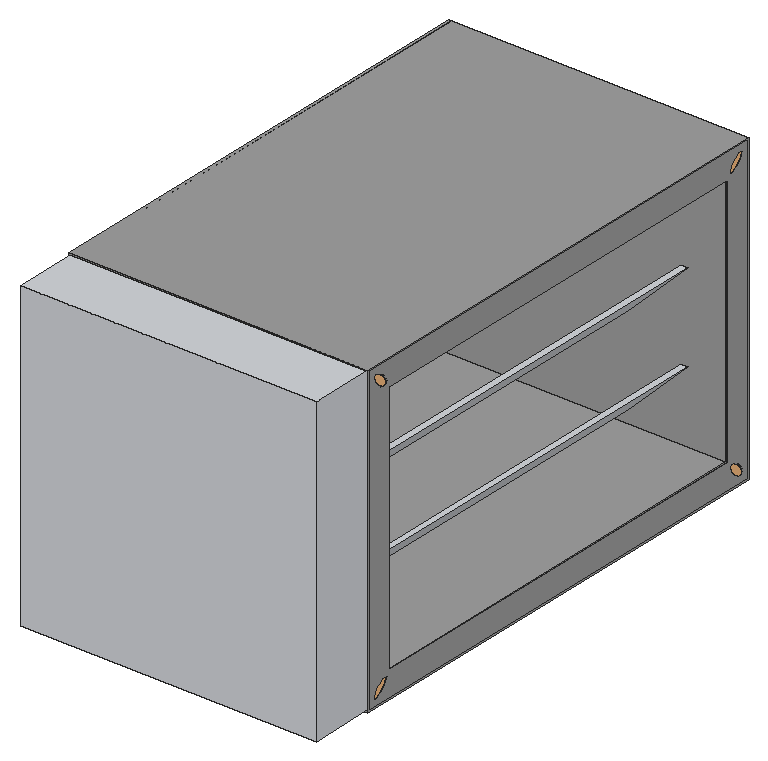
Revit family "DA_Клапан_регулятор_расхода воздуха_VAV систем_РРДРП_привод Belimo LMV-D3-MOD_VEOX", category Арматура воздуховодов, Revit 2019
Family settings
  Размер круглого соединителя = Использовать диаметр
  Тип детали = Вставляется
  На основе рабочей плоскости = Нет
  Всегда вертикально = Да
  При загрузке вырезать с полостями = Нет
  Общий = Нет
Parameters (values of type "с изоляцией")
  н стоврок [instance] = if(H < 200 mm, 2, H / 75 mm - 1)  # 3
  изоляция выбор = if(Insulation visibility, 1, 0)  # 1
  вылет шумоизол = if(Insulation visibility, 75 mm, 1 mm)  # 75 mm
  ОБЩ_ДатаСемейства = "20230704"  # constant formula
  X [instance] = (H / 2) - 175 mm  # -25 mm
  V [instance] = HVAC_Airflow / (B * H) / 1.0 m/s  # 10.1852
  built-in parameter 1114242 [instance] = 1
  URL = ""
  Type Comments = ""
  Seal = Plastic
  Model = ""
  Mode = "P"
  Metal plate = Galvanized steel
  Manufacturer = ""
  Insulation visibility = yes
  Insulation filter = "Z"
  Insulation = Rock wool
  Installation space visibility [instance] = yes
  Installation space [instance] = 3 * B  # 1500 mm
  IfcExportAs = ""
  HVAC_Velocity [instance] = HVAC_Airflow / (B * H)  # 10.1852 m/s
  HVAC_Pressure drop [instance] = 0.0 Pa
  HVAC_Airflow checkup [instance] = if(HVAC_Airflow = 0.0 m³/h, "Type the air flow", if(HVAC_Airflow > HVAC_Airflow Vmax, "Air flow too high", if(HVAC_Airflow < HVAC_Airflow Vmin, "Air flow too low", "OK")))  # "Air flow too high"
  HVAC_Airflow Vnom [instance] = (HVAC_Airflow Vmax + HVAC_Airflow Vmin) / 2  # 2214.0 m³/h
  HVAC_Airflow Vmin [instance] = size_lookup(ADSK_Владелец вида, "HVAC_Airflow Vmin", 0.0 m³/h, B, H, изоляция выбор)  # 648.0 m³/h
  HVAC_Airflow Vmax [instance] = size_lookup(ADSK_Владелец вида, "HVAC_Airflow Vmax", 0.0 m³/h, B, H, изоляция выбор)  # 3780.0 m³/h
  HVAC_Airflow [instance] = 5500.0 m³/h
  H/2+1 [instance] = (H / 2) + 1 mm  # 151 mm
  H/2 [instance] = H / 2  # 150 mm
  H+60 [instance] = H + 60 mm  # 360 mm
  H+1 [instance] = H + 1 mm  # 301 mm
  H [instance] = 300 mm
  Flap visbility 1 = yes
  Drive visibility-Z = Insulation visibility  # yes
  Drive visibility = not(Insulation visibility)  # no
  built-in parameter 1010103 = ""
  Description = "разработчик gladkovin@ya.ru"  # constant formula
  Damper blade thickness [instance] = if(B < 840 mm, 25 mm, if(B > 840 mm, 40 mm, 25 mm))  # 25 mm
  Clearance space visibility [instance] = yes
  B/2+1 [instance] = (B / 2) + 1 mm  # 251 mm
  B/2 [instance] = B / 2  # 250 mm
  B+60 [instance] = B + 60 mm  # 560 mm
  B+1 [instance] = B + 1 mm  # 501 mm
  B [instance] = 500 mm
  ADSK_Обозначение = "КРДВ-П"
  ADSK_Наименование краткое = ""
  ADSK_Наименование [instance] = size_lookup(ADSK_Владелец вида, "Description", "не найден в каталоге", B, H, изоляция выбор)  # "Регулятор переменного расхода воздуха типа VAV, прямоугольный – РРДРП Ш*В:500*300 мм,  звукоизолированный корпус 25 мм мин.ваты, электропривод Belimo LMV-D3-MOD,питание 24 В, упр.сигнал 0-10В/ModBus"
  ADSK_Материал обозначение = ""
  ADSK_Материал наименование = ""
  ADSK_Масса [instance] = 0
  ADSK_Марка [instance] = size_lookup(ADSK_Владелец вида, "", "---", B, H, изоляция выбор)  # "РРДРП Ш*В:500*300"
  ADSK_Количество = 1
  ADSK_Код изделия [instance] = ""
  ADSK_Завод-изготовитель = "VEOX"  # constant formula
  ADSK_Единица измерения = "шт"
  ADSK_Владелец вида = "РРДРП"  # constant formula
Types (2, lengths in mm): name | изоляция выбор | вылет шумоизол | V | Insulation visibility | Installation space | HVAC_Velocity | HVAC_Airflow checkup | HVAC_Airflow Vnom | HVAC_Airflow Vmin | HVAC_Airflow Vmax | HVAC_Airflow | Drive visibility-Z | Drive visibility | B/2+1 | B/2 | B+60 | B+1 | B | ADSK_Обозначение | ADSK_Наименование краткое | ADSK_Наименование | ADSK_Марка
  с изоляцией | 1 | 75 | 10.1852 | yes | 1500 | 10.1852 m/s | "Air flow too high" | 2214.0 m³/h | 648.0 m³/h | 3780.0 m³/h | 5500.0 m³/h | yes | no | 251 | 250 | 560 | 501 | 500 | "КРДВ-П" | "" | "Регулятор переменного расхода воздуха типа VAV, прямоугольный – РРДРП Ш*В:500*300 мм,  звукоизолированный корпус 25 мм мин.ваты, электропривод Belimo LMV-D3-MOD,питание 24 В, упр.сигнал 0-10В/ModBus" | "РРДРП Ш*В:500*300"
  без изоляции | 0 | 1 | 0.92593 | no | 2100 | 0.925926 m/s | "Air flow too low" | 3099.5 m³/h | 907.0 m³/h | 5292.0 m³/h | 700.0 m³/h | no | yes | 351 | 350 | 760 | 701 | 700 | "РРДРП" | "РРДРП" | "Регулятор переменного расхода воздуха типа VAV, прямоугольный – РРДРП Ш*В:700*300 мм,  электропривод Belimo LMV-D3-MOD, питание 24 В, упр.сигнал 0-10В/ModBus" | "РРДРП Ш*В:700*300"
Reference planes
  plane 1 "Center (Front/Back)": y = 0
  plane 2: z = 0
  plane 3 "Center (Left/Right)": x = 0
  plane 4: x = -175
  plane 5: y = -250
  plane 6: x = 175
  plane 7: y = 250
  plane 8: z = 150
  plane 9: z = -150
  plane 10: y = 280
  plane 11: z = 180
  plane 12: y = -280
  plane 13: z = -180
  plane 14: x = -177
  plane 15: x = 177
  plane 16: z = -135
  plane 17: x = 95
  plane 18: x = 1677
  plane 19: z = 75
  plane 20: z = -30
  plane 21: y = -355
  plane 22: y = -280
  plane 23 "ввве": z = 181
Forms (mm)
  Extrusion 1, solid, material "Galvanized steel" <- "Metal plate", detail levels medium+fine
    sketch origin (0, 0, 0) x (0, 1, 0) y (0, 0, 1)
      loop
        line (250, 150) -> (-250, 150) -> (-250, -150) -> (250, -150) -> (250, 150)
      loop
        line (251, 151) -> (-251, 151) -> (-251, -151) -> (251, -151) -> (251, 151)
    from -175 to 175
  Extrusion 2, solid, material "Galvanized steel" <- "Metal plate", detail levels medium+fine
    sketch origin (0, 0, 0) x (0, 1, 0) y (0, 0, 1)
      loop
        line (250, 150) -> (-250, 150) -> (-250, -150) -> (250, -150) -> (250, 150)
      loop
        line (-280, -180) -> (280, -180) -> (280, 180) -> (-280, 180) -> (-280, -180)
      loop
        spline (271.563, 171.563) -> (270.358, 172.188) -> (268.655, 172.191) -> (266.571, 171.571) -> (264.247, 170.37) -> (261.841, 168.671) -> (259.518, 166.589) -> (257.436, 164.266) -> (255.737, 161.861) -> (254.537, 159.537) -> (253.917, 157.452) -> (253.919, 155.749) -> (254.544, 154.544)
        spline (254.544, 154.544) -> (255.749, 153.919) -> (257.452, 153.917) -> (259.537, 154.537) -> (261.861, 155.737) -> (264.266, 157.436) -> (266.589, 159.518) -> (268.671, 161.841) -> (270.37, 164.247) -> (271.571, 166.571) -> (272.191, 168.655) -> (272.188, 170.358) -> (271.563, 171.563)
      loop
        spline (271.563, -171.563) -> (272.188, -170.358) -> (272.191, -168.655) -> (271.571, -166.571) -> (270.37, -164.247) -> (268.671, -161.841) -> (266.589, -159.518) -> (264.266, -157.436) -> (261.861, -155.737) -> (259.537, -154.537) -> (257.452, -153.917) -> (255.749, -153.919) -> (254.544, -154.544)
        spline (254.544, -154.544) -> (253.919, -155.749) -> (253.917, -157.452) -> (254.537, -159.537) -> (255.737, -161.861) -> (257.436, -164.266) -> (259.518, -166.589) -> (261.841, -168.671) -> (264.247, -170.37) -> (266.571, -171.571) -> (268.655, -172.191) -> (270.358, -172.188) -> (271.563, -171.563)
      loop
        spline (-271.563, 171.563) -> (-272.188, 170.358) -> (-272.191, 168.655) -> (-271.571, 166.571) -> (-270.37, 164.247) -> (-268.671, 161.841) -> (-266.589, 159.518) -> (-264.266, 157.436) -> (-261.861, 155.737) -> (-259.537, 154.537) -> (-257.452, 153.917) -> (-255.749, 153.919) -> (-254.544, 154.544)
        spline (-254.544, 154.544) -> (-253.919, 155.749) -> (-253.917, 157.452) -> (-254.537, 159.537) -> (-255.737, 161.861) -> (-257.436, 164.266) -> (-259.518, 166.589) -> (-261.841, 168.671) -> (-264.247, 170.37) -> (-266.571, 171.571) -> (-268.655, 172.191) -> (-270.358, 172.188) -> (-271.563, 171.563)
      loop
        spline (-271.563, -171.563) -> (-270.358, -172.188) -> (-268.655, -172.191) -> (-266.571, -171.571) -> (-264.247, -170.37) -> (-261.841, -168.671) -> (-259.518, -166.589) -> (-257.436, -164.266) -> (-255.737, -161.861) -> (-254.537, -159.537) -> (-253.917, -157.452) -> (-253.919, -155.749) -> (-254.544, -154.544)
        spline (-254.544, -154.544) -> (-255.749, -153.919) -> (-257.452, -153.917) -> (-259.537, -154.537) -> (-261.861, -155.737) -> (-264.266, -157.436) -> (-266.589, -159.518) -> (-268.671, -161.841) -> (-270.37, -164.247) -> (-271.571, -166.571) -> (-272.191, -168.655) -> (-272.188, -170.358) -> (-271.563, -171.563)
    from 175 to 177
  Extrusion 3, solid, material "Galvanized steel" <- "Metal plate", detail levels medium+fine
    sketch origin (0, 0, 0) x (0, 1, 0) y (0, 0, 1)
      loop
        line (250, 150) -> (-250, 150) -> (-250, -150) -> (250, -150) -> (250, 150)
      loop
        line (-280, -180) -> (280, -180) -> (280, 180) -> (-280, 180) -> (-280, -180)
      loop
        spline (271.563, 171.563) -> (270.358, 172.188) -> (268.655, 172.191) -> (266.571, 171.571) -> (264.247, 170.37) -> (261.841, 168.671) -> (259.518, 166.589) -> (257.436, 164.266) -> (255.737, 161.861) -> (254.537, 159.537) -> (253.917, 157.452) -> (253.919, 155.749) -> (254.544, 154.544)
        spline (254.544, 154.544) -> (255.749, 153.919) -> (257.452, 153.917) -> (259.537, 154.537) -> (261.861, 155.737) -> (264.266, 157.436) -> (266.589, 159.518) -> (268.671, 161.841) -> (270.37, 164.247) -> (271.571, 166.571) -> (272.191, 168.655) -> (272.188, 170.358) -> (271.563, 171.563)
      loop
        spline (271.563, -171.563) -> (272.188, -170.358) -> (272.191, -168.655) -> (271.571, -166.571) -> (270.37, -164.247) -> (268.671, -161.841) -> (266.589, -159.518) -> (264.266, -157.436) -> (261.861, -155.737) -> (259.537, -154.537) -> (257.452, -153.917) -> (255.749, -153.919) -> (254.544, -154.544)
        spline (254.544, -154.544) -> (253.919, -155.749) -> (253.917, -157.452) -> (254.537, -159.537) -> (255.737, -161.861) -> (257.436, -164.266) -> (259.518, -166.589) -> (261.841, -168.671) -> (264.247, -170.37) -> (266.571, -171.571) -> (268.655, -172.191) -> (270.358, -172.188) -> (271.563, -171.563)
      loop
        spline (-271.563, 171.563) -> (-272.188, 170.358) -> (-272.191, 168.655) -> (-271.571, 166.571) -> (-270.37, 164.247) -> (-268.671, 161.841) -> (-266.589, 159.518) -> (-264.266, 157.436) -> (-261.861, 155.737) -> (-259.537, 154.537) -> (-257.452, 153.917) -> (-255.749, 153.919) -> (-254.544, 154.544)
        spline (-254.544, 154.544) -> (-253.919, 155.749) -> (-253.917, 157.452) -> (-254.537, 159.537) -> (-255.737, 161.861) -> (-257.436, 164.266) -> (-259.518, 166.589) -> (-261.841, 168.671) -> (-264.247, 170.37) -> (-266.571, 171.571) -> (-268.655, 172.191) -> (-270.358, 172.188) -> (-271.563, 171.563)
      loop
        spline (-271.563, -171.563) -> (-270.358, -172.188) -> (-268.655, -172.191) -> (-266.571, -171.571) -> (-264.247, -170.37) -> (-261.841, -168.671) -> (-259.518, -166.589) -> (-257.436, -164.266) -> (-255.737, -161.861) -> (-254.537, -159.537) -> (-253.917, -157.452) -> (-253.919, -155.749) -> (-254.544, -154.544)
        spline (-254.544, -154.544) -> (-255.749, -153.919) -> (-257.452, -153.917) -> (-259.537, -154.537) -> (-261.861, -155.737) -> (-264.266, -157.436) -> (-266.589, -159.518) -> (-268.671, -161.841) -> (-270.37, -164.247) -> (-271.571, -166.571) -> (-272.191, -168.655) -> (-272.188, -170.358) -> (-271.563, -171.563)
    from -175 to -177
  Extrusion 4, solid, material "Rock wool" <- "Insulation", visible <- "Insulation visibility", detail levels medium+fine
    sketch origin (0, 0, 0) x (0, 1, 0) y (0, 0, 1)
      loop
        line (280, 180) -> (-280, 180) -> (-280, -180) -> (280, -180) -> (280, 180)
      loop
        line (251, 151) -> (-251, 151) -> (-251, -151) -> (251, -151) -> (251, 151)
    from -175 to 175
  Sweep 5, solid, material "Galvanized steel" <- "Metal plate", visible <- "Insulation visibility"
    path in 3D
      loop
        line (-177, 280, -180) -> (-177, -280, -180) -> (-177, -280, 180) -> (-177, 280, 180) -> (-177, 280, -180)
    profile origin (-177, 280, 0) x (-1, 0, 0) y (0, -1, 0)
      loop
        line (0, -1) -> (0, 0) -> (-354, 0) -> (-354, -1) -> (0, -1)
  Extrusion 6, solid, detail levels fine
    sketch origin (0, 0, 0) x (1, 0, 0) y (0, 0, 1)
      loop
        line (-123, 56.366) -> (-123, 51.366) -> (-118, 51.366) -> (-118, 56.366) -> (-123, 56.366)
      loop
        line (-108, 56.366) -> (-108, 51.366) -> (-103, 51.366) -> (-103, 56.366) -> (-108, 56.366)
      loop
        line (-123, -56.366) -> (-118, -56.366) -> (-118, -51.366) -> (-123, -51.366) -> (-123, -56.366)
      loop
        line (-108, -56.366) -> (-103, -56.366) -> (-103, -51.366) -> (-108, -51.366) -> (-108, -56.366)
    from -250 to 250
  Extrusion 7, solid, visible <- "Insulation visibility", detail levels medium+fine
    sketch origin (0, 0, 0) x (0, 1, 0) y (0, 0, 1)
      loop
        line (-280, 180) -> (-355, 180) -> (-355, -180) -> (-280, -180) -> (-280, 180)
    from -175 to 175
Lines and regions (mm)
  sketch lines
    curve 1: line (-177, 280, 180) -> (-177, 280, -180)
    curve 2: line (-177, -280, 180) -> (-177, 280, 180)
    curve 3: line (-177, -280, -180) -> (-177, -280, 180)
    curve 4: line (-177, 280, -180) -> (-177, -280, -180)
  model lines, style "DuctAccessory"
    curve 5: line (-175, 250, 181) -> (175, 250, 181)
    curve 7: line (175, -250, 181) -> (-175, -250, 181)
    curve 8: line (175, 250, 181) -> (175, -250, 181)
    curve 9: line (-175, 80, 181) -> (175, 250, 181)
    curve 10: line (-175, -80, 181) -> (175, -250, 181)
    curve 11: line (135.461, -25.066, 181) -> (70.461, -25.066, 181)
    curve 12: line (134.961, 25.066, 181) -> (70.461, 25.066, 181)
    curve 13: line (70.876, 36.718, 181) -> (130.988, -40.222, 181)
  model lines, style "DuctAccessory", detail levels coarse
    curve 6: line (-175, -250, 181) -> (-175, 250, 181)
  model lines, style "Installation space", visible <- "Installation space visibility"
    curve 14: line (177, 250, 0) -> (1677, 250, 0)
    curve 15: line (177, -250, 0) -> (177, 250, 0)
    curve 16: line (1677, -250, 0) -> (177, -250, 0)
    curve 17: line (1677, 250, 0) -> (1677, -250, 0)
    curve 18: line (177, 250, 0) -> (1677, -250, 0)
    curve 19: line (177, -250, 0) -> (1677, 250, 0)
Dimensions and locks
  equal spacing: plane 4, plane 3 "Center (Left/Right)", plane 6
  locked: plane 4 to plane 6 at 350
  equal spacing: plane 7, plane 1 "Center (Front/Back)", plane 5
  "B": plane 7 to plane 5
  equal spacing: plane 8, level, plane 9
  "H": plane 8 to plane 9
  equal spacing: plane 10, plane 1 "Center (Front/Back)", plane 12
  "B+60": plane 10 to plane 12
  equal spacing: plane 11, level, plane 13
  "H+60": plane 11 to plane 13
  Extrusion 1 sketch curve to Extrusion 1 sketch curve = 1 mm  (x8)
  locked: plane 14 to plane 4 at 2
  locked: plane 6 to plane 15 at 2
  locked: Extrusion 2 sketch curve to Extrusion 2 sketch curve at 24.068  (x4)
  locked: Extrusion 2 sketch curve to Extrusion 2 sketch curve at 10  (x4)
  locked: Extrusion 2 sketch curve to Extrusion 2 sketch curve at 13.411  (x5)
  locked: Extrusion 2 sketch curve to Extrusion 2 sketch curve at 20.482  (x3)
  locked: Extrusion 3 sketch curve to Extrusion 3 sketch curve at 24.068  (x4)
  locked: Extrusion 3 sketch curve to Extrusion 3 sketch curve at 10  (x4)
  locked: Extrusion 3 sketch curve to Extrusion 3 sketch curve at 13.411  (x5)
  locked: Extrusion 3 sketch curve to Extrusion 3 sketch curve at 20.482  (x3)
  locked: plane 16 to plane 9 at 15
  Extrusion 4 to Sweep 5 sketch curve = 1 mm
  locked: Extrusion 6 sketch curve to Extrusion 6 sketch curve at 5  (x8)
  locked: Extrusion 6 sketch curve to level at 51.366  (x2)
  locked: level to Extrusion 6 sketch curve at 51.366  (x2)
  "Installation space": plane 15 to plane 18
  equal spacing: group 2, group 7, group 5  (x3)
  locked: plane 8 to plane 19 at 75
  "вылет шумоизол": plane 21 to plane 12
  locked: plane 5 to plane 22 at 30
  plane 23 "ввве" to plane 11 = 1 mm
  aligned and locked: level to plane 2
  aligned and locked: Extrusion 1 sketch curve to plane 7
  aligned and locked: Extrusion 1 sketch curve to plane 8
  aligned and locked: plane 5 to Extrusion 1 sketch curve
  aligned and locked: plane 9 to Extrusion 1 sketch curve
  aligned and locked: Extrusion 1 to plane 4
  aligned and locked: plane 6 to Extrusion 1
  aligned and locked: Extrusion 2 sketch curve to plane 10
  aligned and locked: plane 7 to Extrusion 2 sketch curve
  aligned and locked: plane 8 to Extrusion 2 sketch curve
  aligned and locked: plane 11 to Extrusion 2 sketch curve
  aligned and locked: plane 12 to Extrusion 2 sketch curve
  aligned and locked: Extrusion 2 sketch curve to plane 5
  aligned and locked: Extrusion 2 sketch curve to plane 9
  aligned and locked: Extrusion 2 sketch curve to plane 13
  aligned and locked: Extrusion 2 to plane 15
  aligned and locked: Extrusion 2 to plane 6
  aligned and locked: Extrusion 3 sketch curve to plane 10
  aligned and locked: plane 7 to Extrusion 3 sketch curve
  aligned and locked: plane 8 to Extrusion 3 sketch curve
  aligned and locked: Extrusion 2 to Extrusion 3 sketch curve
  aligned and locked: plane 12 to Extrusion 3 sketch curve
  aligned and locked: Extrusion 3 sketch curve to plane 5
  aligned and locked: Extrusion 3 sketch curve to plane 9
  aligned and locked: Extrusion 3 sketch curve to plane 13
  aligned and locked: Extrusion 3 to plane 14
  aligned and locked: plane 4 to Extrusion 3
  aligned and locked: nested 1 to level
  aligned and locked: nested 1 to Extrusion 1
  aligned and locked: nested 2 to level
  aligned and locked: nested 3 to plane 16
  aligned and locked: Extrusion 4 sketch curve to plane 11
  aligned and locked: plane 10 to Extrusion 4 sketch curve
  aligned and locked: plane 13 to Extrusion 4 sketch curve
  aligned and locked: Extrusion 4 sketch curve to plane 12
  aligned and locked: Extrusion 4 to plane 4
  aligned and locked: Extrusion 4 sketch curve to Extrusion 1  (x4)
  aligned and locked: plane 15 to Sweep 5 sketch curve
  aligned and locked: Sweep 5 sketch curve to plane 10
  aligned and locked: Sweep 5 sketch curve to profile plane
  aligned and locked: nested 2 to Sweep 5
  aligned and locked: plane 7 to Extrusion 6
  aligned and locked: Extrusion 6 to plane 5
  aligned and locked: curve 5 to plane 7
  aligned and locked: plane 5 to curve 7
  aligned and locked: curve 8 to plane 6
  aligned and locked: plane 4 to curve 6
  aligned and locked: curve 15 to plane 15
  aligned and locked: plane 18 to curve 17
  aligned and locked: curve 14 to plane 7
  aligned and locked: curve 16 to plane 5
  aligned and locked: nested 5 to plane 19
  aligned and locked: nested 6 to plane 20
  aligned and locked: Extrusion 7 to plane 4
  aligned and locked: plane 6 to Extrusion 7
Automatic sketch dimensions
  plane 4 to Extrusion 6 sketch curve = 52 mm  (x2)
  Extrusion 6 sketch curve to Extrusion 6 sketch curve = 10 mm  (x2)
  Extrusion 7 sketch curve to plane 11 = 0 mm
  Extrusion 7 sketch curve to plane 21 = 0 mm
  Extrusion 7 sketch curve to plane 12 = 0 mm
  Extrusion 7 sketch curve to plane 13 = 0 mm
  curve 11 to plane 6 = 39.539 mm
  plane 17 to curve 12 = 39.961 mm
  curve 11 to curve 13 = 4.473 mm
  curve 13 to plane 17 = 24.124 mm
  curve 13 to curve 12 = 0.415 mm
  curve 11 to plane 17 = 24.539 mm
  curve 9 to plane 1 "Center (Front/Back)" = 80 mm
  curve 13 to plane 1 "Center (Front/Back)" = 36.718 mm
  curve 12 to plane 1 "Center (Front/Back)" = 25.066 mm
  plane 1 "Center (Front/Back)" to curve 11 = 25.066 mm
  curve 11 to curve 13 = 15.156 mm
  plane 1 "Center (Front/Back)" to curve 10 = 80 mm
Nested families
  nested 1: "Mechanism" at (95.131, -325, 0) x (-1, 0, 0) z (0, -1, 0), visible <- "Drive visibility", type "Mechanism", detail levels medium+fine
  nested 2: "Mechanism" at (95.131, -355, 0) x (-1, 0, 0) z (0, -1, 0), visible <- "Drive visibility-Z", type "Mechanism", detail levels medium+fine
  nested 3: "Flop" at (95, 0, -99.645) x (0, 1, 0) z (0, 0, 1), B <- "B", visible <- "Flap visbility 1", type "Flop", detail levels medium+fine
    with B 500 mm
  nested 4: "Flop" at (95, 0, -99.645) x (0, 1, 0) z (0, 0, 1), B <- "B", visible <- "Flap visbility 1", type "Flop", not visible, detail levels medium+fine
    with B 500 mm
  nested 5: "Flop" at (95, 0, 110.355) x (0, 1, 0) z (0, 0, 1), B <- "B", visible <- "Flap visbility 1", type "Flop", detail levels medium+fine
    with B 500 mm
  nested 6: "Flop" at (95, 0, 5.355) x (0, 1, 0) z (0, 0, 1), B <- "B", visible <- "Flap visbility 1", type "Flop", detail levels medium+fine
    with B 500 mm
Connectors
  hvac at (177, 0, 0), driven by "H", driven by "B", driven by "HVAC_Airflow", driven by "HVAC_Pressure drop"
    settings: on Extrusion 2, index 1, duct flow 5500.0 m³/h, flow factor 0, pres drop 0.0 Pa, loss coef 0, conn angle 0.00°, conn width 500 mm, conn height 300 mm, conn diameter 609.6 mm, duct sys type 29, conn prof type 1, flow config 0, flow direction 0, loss method 4, conn ref index 2, conn util yes, is conn primary yes, conn desc ""
  hvac at (-177, 0, 0), driven by "H", driven by "B", driven by "HVAC_Airflow"
    settings: on Extrusion 3, index 2, duct flow 5500.0 m³/h, flow factor 0, pres drop 0.0 Pa, loss coef 0, conn angle 0.00°, conn width 500 mm, conn height 300 mm, conn diameter 609.6 mm, duct sys type 29, conn prof type 1, flow config 0, flow direction 0, loss method 0, conn ref index 1, conn util yes, is conn primary no, conn desc ""
Definition of nested family "Mechanism"
  Reference planes
    plane 1 "Center (Front/Back)": y = 0
    plane 2: z = 0
    plane 3 "Center (Left/Right)": x = 0
  Forms (mm)
    Extrusion 1, solid, detail levels medium+fine
      sketch origin (-810.257, 0, 25) x (1, 0, 0) y (0, 1, 0)
        loop
          line (833.547, 33) -> (825.473, 24.926) -> (825.473, -24.926) -> (833.547, -33) -> (918.926, -33) -> (927, -24.926) -> (927, 24.926) -> (918.926, 33) -> (833.547, 33)
      from -74 to -55.25
    Extrusion 2, solid, detail levels medium+fine
      sketch origin (-810.257, 0, 0) x (1, 0, 0) y (0, 1, 0)
        loop
          line (791.396, 33) -> (788.646, 27.5) -> (788.646, -27.5) -> (791.396, -33) -> (901.896, -33) -> (904.646, -27.5) -> (904.646, 27.5) -> (901.896, 33) -> (791.396, 33)
      from -74 to -49
    Extrusion 3, solid, detail levels medium+fine
      sketch origin (-810.257, 0, 43.75) x (1, 0, 0) y (0, 1, 0)
        loop
          line (833.547, 33) -> (825.473, 24.926) -> (825.473, -24.926) -> (833.547, -33) -> (918.926, -33) -> (927, -24.926) -> (927, 24.926) -> (918.926, 33) -> (833.547, 33)
      from -74 to -55.25
    Extrusion 4, solid, detail levels medium+fine
      sketch origin (0.591, 0, 0) x (1, 0, 0) y (0, 1, 0)
        loop
          circle (-0.203, 0) r 10
      from -30.25 to -74
  Dimensions and locks
    Extrusion 2 sketch curve to Extrusion 2 sketch curve = 116 mm
    Extrusion 2 to Extrusion 4 sketch curve = 22 mm
    aligned and locked: level to plane 2
    aligned and locked: Extrusion 1 to Extrusion 2
    aligned and locked: Extrusion 3 to Extrusion 1
Definition of nested family "Flop"
  Parameters (values of type "Flop")
    Nested family filter = "Nested"
    Flop = none
    B [instance] = 600 mm
  Reference planes
    plane 1 "Center (Front/Back)": y = 0
    plane 2: z = 0
    plane 3 "Center (Left/Right)": x = 0
    plane 4: x = -300
    plane 5: x = 300
  Forms (mm)
    Extrusion 1, solid, material <- "Flop", detail levels fine
      sketch origin (0, 0, 0) x (0, 0.707107, 0.707107) y (0, -0.707107, 0.707107)
        loop
          line (0, 50) -> (0, -50) -> (5.142, -55.142) -> (5.142, 44.858) -> (0, 50)
      from -300 to 300
  Dimensions and locks
    equal spacing: plane 4, plane 3 "Center (Left/Right)", plane 5
    plane 5 to plane 4 = 600 mm
    "B": plane 4 to plane 5
    aligned and locked: level to plane 2
    aligned and locked: plane 4 to Extrusion 1
    aligned and locked: plane 5 to Extrusion 1
  Automatic sketch dimensions
    Extrusion 1 sketch curve to level = 35.355 mm
    Extrusion 1 sketch curve to plane 1 "Center (Front/Back)" = 35.355 mm
    Extrusion 1 sketch curve to Extrusion 1 sketch curve = 5.142 mm  (x3)
    Extrusion 1 sketch curve to Extrusion 1 sketch curve = 94.858 mm
